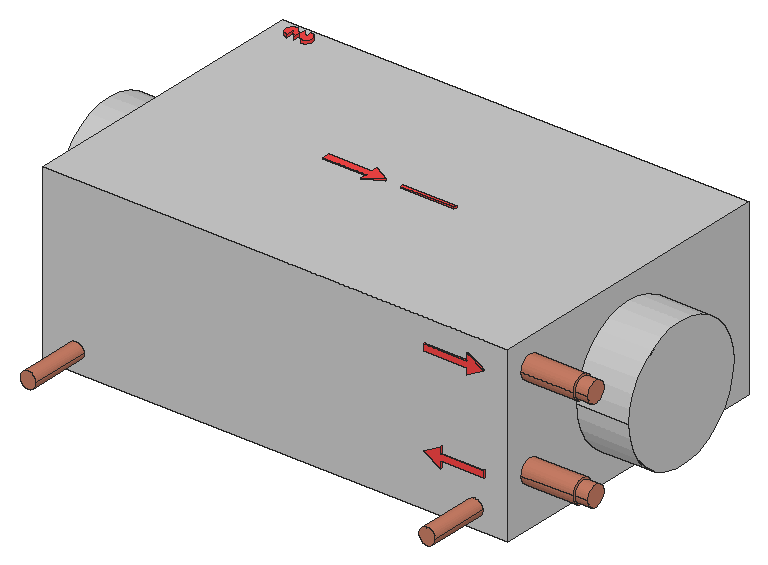
Revit family "NLRS_57_DUA_UN_round-cooler-ac_rr-LT_sacs", category Duct Accessories, Revit 2019
Family settings
  Round Connector Dimension = Use Diameter
  Part Type = Breaks Into
  OmniClass Number = 23.75.10.24.21
  OmniClass Title = Cooling and Freeze Components
  Work Plane-Based = No
  Always vertical = Yes
  Cut with Voids When Loaded = No
  Shared = No
Parameters (values of type "AC_RR cooler")
  SACS_X_Offset [instance] = if(SACS_Water_Connection_Right, -1 mm, SACS_Plenum_B)  # -1 mm
  SACS_Water_Connection_Right [instance] = yes
  URL = "https://solid-air.nl/producten/solid-air-nakoeler-ac-r/"
  Type Comments = "Check flow directions!"  # constant formula
  SACS_Warning_Text_Size [instance] = if(SACS_Warning_Size, "Invalid duct size. Nearest larger size selected", " ")  # " "
  SACS_Warning_Text_Other [instance] = if(SACS_Warning_Other, "Selected configuration not allowed", " ")  # " "
  SACS_Warning_Size [instance] = not(SACS_Duct_Used_Size = NLRS_M_c01_diameter)  # no
  SACS_Warning_Sign [instance] = and(not(SACS_Disable_Warning), or(SACS_Warning_Size, SACS_Warning_Other))  # no
  SACS_Warning_Other [instance] = or([Cooler rows (2-8)] < 2, [Cooler rows (2-8)] > 15, [Cooler circuits (1-15)] < 1, [Cooler circuits (1-15)] > 15, and(SACS_Duct_Used_Size < 160 mm, [Cooler circuits (1-15)] > 8))  # no
  SACS_Use_Manual_Airflow [instance] = no
  SACS_Type_Mark [instance] = ""
  SACS_Plenum_L [instance] = if([Cooler rows (2-8)] < 5, 350 mm, 400 mm)  # 350 mm
  SACS_Plenum_H [instance] = size_lookup(Article_Data, "Plenum_H", 130 mm, SACS_Duct_Used_Size)  # 130 mm
  SACS_Plenum_B [instance] = size_lookup(Article_Data, "Plenum_B", 226 mm, SACS_Duct_Used_Size)  # 226 mm
  SACS_Offset_RL [instance] = if(SACS_Water_Connection_Right, 20 mm, SACS_Plenum_B - 20 mm)  # 20 mm
  SACS_Offset3 [instance] = if(SACS_Water_Connection_Right, SACS_Offset2 + 45 mm, 45 mm)  # 271 mm
  SACS_Offset2 [instance] = if(SACS_Water_Connection_Right, SACS_Plenum_B, 0 mm)  # 226 mm
  SACS_Offset1 [instance] = if(SACS_Water_Connection_Right, 0 mm, 45 mm)  # 0 mm
  SACS_Model [instance] = size_lookup(Article_Data, "Model", "AH special or illegal selection", SACS_Duct_Used_Size, SACS_Index1, SACS_Index2, SACS_Index3)  # "AC2RRR-25-01 100"
  SACS_Manual_Airflow [instance] = 0.0 m³/h
  SACS_Index3 [instance] = if(SACS_Water_Connection_Right, 0 mm, 1 mm)  # 0 mm
  SACS_Index2 [instance] = if([Cooler circuits (1-15)] < 0, 0, [Cooler circuits (1-15)]) * 1 mm  # 1 mm
  SACS_Index1 [instance] = if([Cooler rows (2-8)] < 2, 2, [Cooler rows (2-8)]) * 1 mm  # 2 mm
  Cooler rows (2-8) [instance] = 2
  SACS_Duct_Used_Size [instance] = if(NLRS_M_c01_diameter > 500 mm, 630 mm, if(NLRS_M_c01_diameter > 400 mm, 500 mm, if(NLRS_M_c01_diameter > 315 mm, 400 mm, if(NLRS_M_c01_diameter > 250 mm, 315 mm, if(NLRS_M_c01_diameter > 200 mm, 250 mm, if(NLRS_M_c01_diameter > 160 mm, 200 mm, if(NLRS_M_c01_diameter > 125 mm, 160 mm, if(NLRS_M_c01_diameter > 100 mm, 125 mm, if(NLRS_M_c01_diameter > 80 mm, 100 mm, 80 mm)))))))))  # 100 mm
  SACS_Disable_Warning [instance] = no
  SACS_Diameter2 [instance] = NLRS_P_c01_diameter + 2 mm  # 17 mm
  SACS_Diameter [instance] = SACS_Duct_Used_Size - 2 mm  # 98 mm
  SACS_Article_Code [instance] = size_lookup(Article_Data, "", "NB", SACS_Duct_Used_Size, SACS_Index1, SACS_Index2, SACS_Index3)  # "9401000592"
  SACS_Air_Flow [instance] = 0.0 m³/h
  Cooler circuits (1-15) [instance] = 1
  NLRS_P_c01_volumestroom [instance] = 0.0 L/s
  NLRS_P_c01_drukverlies_statisch [instance] = 0.0 Pa
  NLRS_P_c01_diameter [instance] = if([Cooler circuits (1-15)] < 8, 15 mm, if([Cooler circuits (1-15)] < 15, 20 mm / 4, if([Cooler circuits (1-15)] < 23, 25 mm, 32 mm)))  # 15 mm
  NLRS_M_c01_drukverlies_statisch [instance] = 0.0 Pa
  NLRS_M_c01_diameter [instance] = 100 mm
  NLRS_M_c01_debiet [instance] = abs(if(SACS_Use_Manual_Airflow, SACS_Manual_Airflow, SACS_Air_Flow))  # 0.0 m³/h
  NLRS_C_niveau ontwikkeling = "LOD 400"  # constant formula
  NLRS_C_model [instance] = SACS_Model  # "AC2RRR-25-01 100"
  NLRS_C_description = Description  # "Cooling battery AC_RR - Round connector - Solid Air"
  NLRS_C_content_versie = "3.19.00"  # constant formula
  NLRS_C_content_provider = "Solid Air Climate Solutions"  # constant formula
  NLRS_C_content_datum_uitgifte = "05-07-2022"  # constant formula
  NLRS_C_content_creator = "J. Feeke"  # constant formula
  Model = "AC_RR"  # constant formula
  Manufacturer = "Solid Air Climate Solutions"  # constant formula
  Article_Data = "AC-RR_Data"  # constant formula
  LoadBearing [instance] = 1 = 0  # no
  Keynote = ""
  IsExternal [instance] = 1 = 0  # no
  IfcExportType = "Cooler"  # constant formula
  IfcExportAs = "IfcHeatExchanger"  # constant formula
  IfcDescription = Description  # "Cooling battery AC_RR - Round connector - Solid Air"
  FireRating [instance] = "00"  # constant formula
  Description = "Cooling battery AC_RR - Round connector - Solid Air"  # constant formula
  Cost = 0
  Assembly Code = "57.00"
Reference planes
  plane 1 "Center (Front/Back)": y = 0
  plane 2: z = 0
  plane 3 "Center (Left/Right)": x = 0
  plane 4 "Left": x = -175
  plane 5 "Right": x = 175
  plane 6 "Back": y = 113
  plane 7 "Front": y = -113
  plane 8 "Top": z = 65
  plane 9 "Bottom": z = -65
  plane 10 "Threadstart": x = 215
  plane 11: y = 113
  plane 12: y = -158
Forms (mm)
  Extrusion 1, solid, material "Staal - Sendzimir verzinkt"
    sketch origin (0, 0, 0) x (1, 0, 0) y (0, 1, 0)
      loop
        line (-175, 113) -> (-175, -113) -> (175, -113) -> (175, 113) -> (-175, 113)
    from -65 to 65
  Extrusion 2, solid, material "Staal - Sendzimir verzinkt", detail levels medium+fine
    sketch origin (-175, 0, 0) x (0, 1, 0) y (0, 0, 1)
      loop
        circle (0, 0) r 49
    from -40 to 0
  Extrusion 3, solid, material "Staal - Sendzimir verzinkt", detail levels medium+fine
    sketch origin (175, 0, 0) x (0, 1, 0) y (0, 0, 1)
      loop
        circle (0, 0) r 49
    from 0 to 40
  Extrusion 4, solid, material "Koper", detail levels medium+fine
    sketch origin (175, 0, 0) x (0, 1, 0) y (0, 0, 1)
      loop
        circle (-93, 45) r 8.5
      loop
        circle (-93, -25) r 8.5
    from 0 to 40
  Extrusion 5, solid, material "Koper", detail levels medium+fine
    sketch origin (215, 0, 0) x (0, 1, 0) y (0, 0, 1)
      loop
        circle (-93, 45) r 7.5
      loop
        circle (-93, -25) r 7.5
    from 0 to 10
  Extrusion 6, solid, material "SACS_Label", detail levels medium+fine
    sketch origin (-445.189, 319.34, 65) x (-1, 0, 0) y (0, -1, 0)
      loop
        line (-450.135, 318.34) -> (-450.135, 320.34) -> (-490.135, 320.34) -> (-490.135, 318.34) -> (-450.135, 318.34)
    from 0 to 1
  Extrusion 7, solid, material "Koper"
    sketch origin (0, 0, 0) x (1, 0, 0) y (0, 0, 1)
      loop
        circle (-150, -50) r 6
      loop
        circle (150, -50) r 6
    from 113 to 158
Dimensions and locks
  equal spacing: plane 6 "Back", plane 1 "Center (Front/Back)", plane 7 "Front"
  equal spacing: plane 4 "Left", plane 3 "Center (Left/Right)", plane 5 "Right"
  "SACS_Plenum_L": plane 4 "Left" to plane 5 "Right"
  "SACS_Plenum_B": plane 6 "Back" to plane 7 "Front"
  equal spacing: plane 8 "Top", level, plane 9 "Bottom"
  "SACS_Plenum_H": plane 8 "Top" to plane 9 "Bottom"
  locked: Extrusion 2 to plane 4 "Left" at 40
  locked: plane 5 "Right" to Extrusion 3 at 40
  locked: plane 8 "Top" to Extrusion 4 sketch curve at 20
  locked: Extrusion 4 sketch curve to plane 9 "Bottom" at 40
  "SACS_Offset_RL": plane 7 "Front" to Extrusion 4 sketch curve  (x2)
  locked: plane 5 "Right" to plane 10 "Threadstart" at 40
  "SACS_Offset_RL": Extrusion 5 sketch curve to plane 7 "Front"  (x2)
  locked: Extrusion 5 sketch curve to plane 9 "Bottom" at 40
  locked: plane 8 "Top" to Extrusion 5 sketch curve at 20
  locked: Extrusion 5 to plane 10 "Threadstart" at 10
  locked: nested 1 to plane 9 "Bottom" at 40
  locked: plane 5 "Right" to nested 1 at 40
  locked: plane 5 "Right" to nested 2 at 40
  locked: plane 8 "Top" to nested 2 at 20
  locked: plane 4 "Left" to nested 3 at 20
  locked: plane 6 "Back" to nested 3 at 10
  Extrusion 6 sketch curve to plane 1 "Center (Front/Back)" to Extrusion 6 sketch curve = 1 mm locked, 1 mm locked
  locked: Extrusion 7 sketch curve to plane 9 "Bottom" at 15  (x2)
  locked: Extrusion 7 sketch curve to plane 4 "Left" at 25
  locked: plane 5 "Right" to Extrusion 7 sketch curve at 25
  "SACS_Offset3": plane 11 to plane 12
  "SACS_Offset1": plane 11 to plane 6 "Back"
  "SACS_Offset2": plane 11 to Extrusion 7
  "SACS_Diameter": diameter of Extrusion 2 sketch curve
  "SACS_Diameter": diameter of Extrusion 3 sketch curve
  "SACS_Diameter2": diameter of Extrusion 4 sketch curve  (x2)
  "NLRS_P_c01_diameter": diameter of Extrusion 5 sketch curve  (x2)
  aligned and locked: level to plane 2
  aligned and locked: Extrusion 1 sketch curve to plane 6 "Back"
  aligned and locked: plane 7 "Front" to Extrusion 1 sketch curve
  aligned and locked: Extrusion 1 sketch curve to plane 5 "Right"
  aligned and locked: plane 4 "Left" to Extrusion 1 sketch curve
  aligned and locked: Extrusion 1 to plane 9 "Bottom"
  aligned and locked: plane 8 "Top" to Extrusion 1
  aligned and locked: plane 4 "Left" to Extrusion 2
  aligned and locked: plane 5 "Right" to Extrusion 1  (x3)
  aligned and locked: Extrusion 4 to plane 5 "Right"  (x2)
  aligned and locked: plane 10 "Threadstart" to Extrusion 4
  aligned and locked: plane 1 "Center (Front/Back)" to nested 4
  aligned and locked: plane 3 "Center (Left/Right)" to nested 6
  aligned and locked: Extrusion 7 to plane 12
Automatic sketch dimensions
  plane 3 "Center (Left/Right)" to Extrusion 6 sketch curve = 44.946 mm
  plane 3 "Center (Left/Right)" to Extrusion 6 sketch curve = 4.946 mm
  Extrusion 2 sketch curve to level = 0 mm
  Extrusion 2 sketch curve to plane 1 "Center (Front/Back)" = 0 mm
  Extrusion 3 sketch curve to level = 0 mm
  Extrusion 3 sketch curve to plane 1 "Center (Front/Back)" = 0 mm
  radius of Extrusion 7 sketch curve = 6 mm  (x2)
Nested families
  nested 1: "arrow" at (135, -114, -25) x (-1, 0, 0) z (0, 1, 0), built-in parameter 1001364 <- "SACS_X_Offset", type "arrow", detail levels medium+fine
  nested 2: "arrow" at (135, -114, 45) x (1, 0, 0) z (0, 1, 0), built-in parameter 1001364 <- "SACS_X_Offset", type "arrow", detail levels medium+fine
  nested 3: "logo_single" at (-155, 103, 65), type "logo_single", detail levels medium+fine
  nested 4: "arrow" at (-30, 0, 65), type "arrow", detail levels medium+fine
  nested 5: "Warning" at (0, 0, 65), visible <- "SACS_Warning_Sign", type "Warning", detail levels medium+fine
  nested 6: "NK-Symbol" at (0, 0, 65), type "NK-Symbol", detail levels coarse
Connectors
  hvac at (-175, 0, 0), driven by "NLRS_M_c01_diameter", driven by "NLRS_M_c01_debiet", driven by "NLRS_M_c01_drukverlies_statisch"
    settings: on Extrusion 2, index 1, duct flow 0.0 m³/h, flow factor 0, pres drop 0.0 Pa, loss coef 0, conn angle 0.00°, conn width 304.8 mm, conn height 304.8 mm, conn diameter 100 mm, duct sys type 1, conn prof type 0, flow config 1, flow direction 1, loss method 4, conn ref index -1, conn util no, is conn primary no, conn desc "Supply Air in"
  hvac at (175, 0, 0), driven by "NLRS_M_c01_diameter", driven by "SACS_Air_Flow"
    settings: on Extrusion 3, index 2, duct flow 0.0 m³/h, flow factor 0, pres drop 0.0 Pa, loss coef 0, conn angle 0.00°, conn width 304.8 mm, conn height 304.8 mm, conn diameter 100 mm, duct sys type 1, conn prof type 0, flow config 0, flow direction 2, loss method 0, conn ref index -1, conn util no, is conn primary yes, conn desc ""
  piping at (215, -93, -25), diameter 15, driven by "NLRS_P_c01_diameter"
    settings: on Extrusion 5, index 3, connector inside diameter 609.6 mm, connector length 0 mm, flow factor 0, pipe flow 0.0 L/s, pressure drop 0.0 Pa, fitting loss kfactor 0, connector angle 0.00°, fixture units 0, engagement length 0 mm, angle of deflection 0.00°, flow configuration 0, flow direction 0, fitting loss method 0, system type 7, joint type 0, gender type 0, connector reference index -1, connector utility 0, adjustable connector no, is connector primary yes, connector description ""
  piping at (215, -93, 45), diameter 15, driven by "NLRS_P_c01_diameter"
    settings: on Extrusion 5, index 4, connector inside diameter 609.6 mm, connector length 0 mm, flow factor 0, pipe flow 0.0 L/s, pressure drop 0.0 Pa, fitting loss kfactor 0, connector angle 0.00°, fixture units 0, engagement length 0 mm, angle of deflection 0.00°, flow configuration 0, flow direction 0, fitting loss method 0, system type 8, joint type 0, gender type 0, connector reference index -1, connector utility 0, adjustable connector no, is connector primary no, connector description ""
Definition of nested family "arrow"
  Parameters (values of type "arrow")
    Default Elevation = 1219.2 mm
  Reference planes
    plane 1 "Center (Front/Back)": y = 0
    plane 2: z = 0
    plane 3 "Center (Left/Right)": x = 0
  Forms (mm)
    Extrusion 1, solid
      sketch origin (0, 48.354, 0) x (-1, 0, 0) y (0, -1, 0)
        loop
          line (22.513, 50.854) -> (-10.002, 50.854) -> (-10.002, 55.854) -> (-22.513, 48.354) -> (-10.002, 40.854) -> (-10.002, 45.854) -> (22.513, 45.854) -> (22.513, 50.854)
      from 0 to 1
  Dimensions and locks
    aligned and locked: level to plane 2
Definition of nested family "logo_single"
  Parameters (values of type "logo_single")
    t = 5 mm
    Model = "LOD 400"
    Description = "Model type"
    Default Elevation = 1219.2 mm
  Reference planes
    plane 1 "Center (Front/Back)": y = 0
    plane 2: z = 0
    plane 3 "Center (Left/Right)": x = 0
    plane 4: z = 2
    plane 5: x = -10
    plane 6: y = -5
    plane 7: y = 5
    plane 8: x = -5
    plane 9: x = 5
    plane 10: x = 10
  Forms (mm)
    Extrusion 1, solid
      sketch origin (-547.644, -297.937, 0) x (1, 0, 0) y (0, 1, 0)
        loop
          arc (542.644, 302.937) -> (537.644, 297.937) -> (542.644, 292.937) r 5
          line (542.644, 292.937) -> (542.644, 297.937) -> (547.644, 292.937) -> (547.644, 297.937) -> (542.644, 302.937)
      from 0 to 2
    Extrusion 2, solid
      sketch origin (0, 0, 0) x (1, 0, 0) y (0, 1, 0)
        loop
          arc (5, -5) -> (10, 0) -> (5, 5) r 5
          line (5, 5) -> (5, 0) -> (0, 5) -> (0, 0) -> (5, -5)
      from 0 to 2
  Dimensions and locks
    "t": plane 7 to plane 1 "Center (Front/Back)"
    "t": plane 6 to plane 1 "Center (Front/Back)"
    "t": plane 5 to plane 8
    "t": plane 8 to plane 3 "Center (Left/Right)"
    "t": plane 3 "Center (Left/Right)" to plane 9
    "t": plane 9 to plane 10
    aligned and locked: level to plane 2
    aligned and locked: plane 4 to Extrusion 1
  Automatic sketch dimensions
    plane 1 "Center (Front/Back)" to Extrusion 1 sketch curve = 0 mm  (x3)
    Extrusion 1 sketch curve to plane 8 = 0 mm
    Extrusion 1 sketch curve to plane 7 = 0 mm
    Extrusion 1 sketch curve to plane 3 "Center (Left/Right)" = 0 mm
    Extrusion 1 sketch curve to plane 6 = 0 mm
    Extrusion 2 sketch curve to plane 3 "Center (Left/Right)" = 0 mm
    plane 1 "Center (Front/Back)" to Extrusion 2 sketch curve = 0 mm  (x3)
    Extrusion 2 sketch curve to plane 6 = 0 mm
    Extrusion 2 sketch curve to plane 9 = 0 mm
    Extrusion 2 sketch curve to plane 7 = 0 mm
Definition of nested family "Warning"
  Parameters (values of type "Warning")
    straal = 1000 mm
  Reference planes
    plane 1 "Center (Front/Back)": y = 0
    plane 2: z = 0
    plane 3 "Center (Left/Right)": x = 0
  Lines and regions (mm)
    Filled region 1, type "Solid Fill - Black", in view "Ref. Level"
      outline origin (0, 0, 0) x (1, 0, 0) y (0, 1, 0)
        loop
          line (-25.8, 75) -> (-20, -12.003) -> (20, -12.003) -> (25.8, 75) -> (-25.8, 75)
        loop
          circle (0, -50) r 25
Definition of nested family "NK-Symbol"
  Parameters (values of type "NK-Symbol")
    Width = 450 mm
    Length = 300 mm
    Half_Width = Width / 2  # 225 mm
  Reference planes
    plane 1 "Center (Front/Back)": y = 0
    plane 2: z = 0
    plane 3 "Center (Left/Right)": x = 0
    plane 4: x = -150
    plane 5: x = 150
    plane 6: y = -225
    plane 7: y = 225
    plane 8: x = -100
    plane 9: x = -125
    plane 10: y = 200
    plane 11: x = -417.698
    plane 12: y = 67.059
  Lines and regions (mm)
    detail lines, in view "Ref. Level"
      curve 1: line (-150, 225, 0) -> (150, 225, 0)
      curve 2: line (-150, -225, 0) -> (-150, 225, 0)
      curve 3: line (150, -225, 0) -> (-150, -225, 0)
      curve 4: line (150, 225, 0) -> (150, -225, 0)
      curve 5: line (-150, -225, 0) -> (150, 225, 0)
      curve 6: line (-125, 0, 0) -> (-75, 0, 0)
      curve 7: line (-141.355, 212.5, 0) -> (-141.355, 187.5, 0)
      curve 8: line (-141.355, 200, 0) -> (-128.855, 212.5, 0)
      curve 9: line (-128.855, 187.5, 0) -> (-141.355, 200, 0)
      curve 13: spline (-113.429, 187.5, 0) -> (-115.461, 187.926, 0) -> (-117.355, 189.175, 0) -> (-118.98, 191.161, 0) -> (-120.228, 193.75, 0) -> (-121.012, 196.765, 0) -> (-121.28, 200, 0) -> (-121.012, 203.235, 0) -> (-120.228, 206.25, 0) -> (-118.98, 208.839, 0) -> (-117.355, 210.825, 0) -> (-115.461, 212.074, 0) -> (-113.429, 212.5, 0) -> (-111.397, 212.074, 0) -> (-109.504, 210.825, 0) -> (-107.878, 208.839, 0) -> (-106.631, 206.25, 0) -> (-105.846, 203.235, 0) -> (-105.579, 200, 0) -> (-105.846, 196.765, 0) -> (-106.631, 193.75, 0) -> (-107.878, 191.161, 0) -> (-109.504, 189.175, 0) -> (-111.397, 187.926, 0) -> (-113.429, 187.5, 0)
    detail lines, in view "Ref. Level", not visible
      curve 10: line (-434.053, 79.559, 0) -> (-434.053, 54.559, 0)
      curve 11: line (-434.053, 67.059, 0) -> (-421.553, 79.559, 0)
      curve 12: line (-421.553, 54.559, 0) -> (-434.053, 67.059, 0)
      curve 14: spline (-406.128, 54.559, 0) -> (-408.16, 54.985, 0) -> (-410.053, 56.234, 0) -> (-411.679, 58.22, 0) -> (-412.926, 60.809, 0) -> (-413.711, 63.824, 0) -> (-413.978, 67.059, 0) -> (-413.711, 70.294, 0) -> (-412.926, 73.309, 0) -> (-411.679, 75.898, 0) -> (-410.053, 77.884, 0) -> (-408.16, 79.133, 0) -> (-406.128, 79.559, 0) -> (-404.096, 79.133, 0) -> (-402.202, 77.884, 0) -> (-400.577, 75.898, 0) -> (-399.329, 73.309, 0) -> (-398.545, 70.294, 0) -> (-398.277, 67.059, 0) -> (-398.545, 63.824, 0) -> (-399.329, 60.809, 0) -> (-400.577, 58.22, 0) -> (-402.202, 56.234, 0) -> (-404.096, 54.985, 0) -> (-406.128, 54.559, 0)
  Dimensions and locks
    "Half_Width": plane 1 "Center (Front/Back)" to plane 6
    "Half_Width": plane 7 to plane 1 "Center (Front/Back)"
    "Length": plane 4 to plane 5
    equal spacing: plane 4, plane 3 "Center (Left/Right)", plane 5
    plane 4 to plane 8 = 50 mm
    locked: curve 6 to plane 8 at 25
    locked: plane 8 to curve 6 at 25
    locked: plane 4 to plane 9 at 25
    locked: plane 7 to plane 10 at 25
    aligned and locked: plane 4 to curve 2
    aligned and locked: curve 1 to plane 7
    aligned and locked: curve 4 to plane 5
    aligned and locked: plane 6 to curve 3
    aligned and locked: plane 1 "Center (Front/Back)" to curve 6
  Automatic sketch dimensions
    curve 5 to plane 4 = 0 mm
    curve 7 to curve 9 = 12.5 mm
    curve 7 to curve 8 = 12.5 mm  (x2)
    curve 7 to curve 9 = 0 mm
    curve 13 to curve 13 = 12.5 mm
    curve 8 to curve 7 = 12.5 mm
    curve 9 to curve 13 = 15.425 mm
    curve 9 to curve 13 = 12.5 mm
    curve 10 to curve 12 = 12.5 mm
    curve 10 to curve 11 = 12.5 mm  (x2)
    curve 10 to curve 12 = 0 mm
    curve 14 to curve 14 = 12.5 mm
    curve 11 to curve 10 = 12.5 mm
    curve 12 to curve 14 = 15.425 mm
    curve 12 to curve 14 = 12.5 mm
